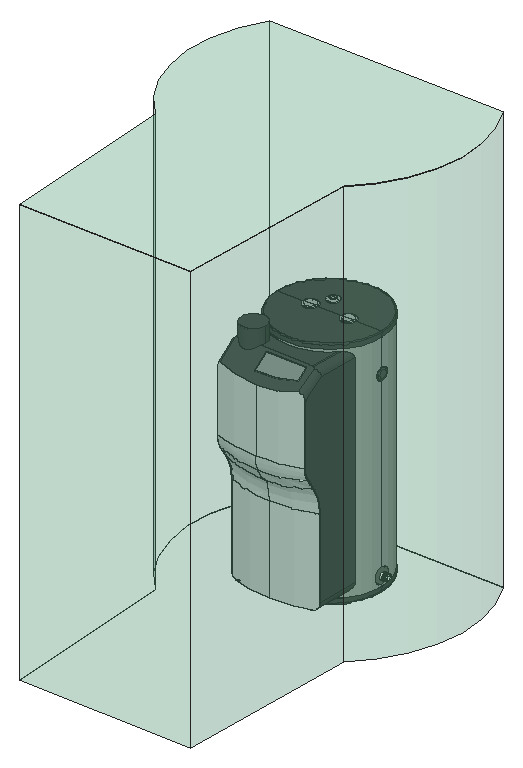
Revit family "Innovo  BENL_IR 12 200 BENL NAT", category Mechanical Equipment, Revit 2015
Parameters (values of type "IR-12-200 BENL NAT")
  Werkruimte Radius = Diameter + 170 mm  # 730 mm
  Werkruimte Hoogte = Hoogte + 1000 mm  # 2270 mm
  Werkruimte Afstand Voor = 1000 mm
  Werkruimte [instance] = yes
  Voorzorgsmaatregelen tijdens montage, installatie of onderhoud = "zie Gebruikers, Installatie, Service en Onderhouds handleiding"  # constant formula
  Voltage = 230 V  # constant formula
  Verpakkingslengte = 946 mm  # constant formula
  Verpakkingshoogte = 1465 mm
  Verpakkingsbreedte = 786 mm  # constant formula
  Uitsluitend werkend in daluren = no
  Uitschakeldruk LDS < = "115"
  Type aanduiding = "IR-20-160"
  Transportgewicht = 114 kg
  Totaal Gewicht = 274 kg
  Stilstandsverlies - dagelijks (24u) = 0 W
  Stilstandsverlies = 0 W
  Standaard Afgesteld op = "G20/G25"
  Stand Regelthermostaat = 65 °C  # constant formula
  Soort Verpakking = "Karton en Hout"  # constant formula
  Slimme controlefunctie = no
  Setpoint thermostaat = 65 °C  # constant formula
  Seizoens Rendement (Hs) = [Rendement (Hs, vlgs. NEN-EN 89 - 1999)]  # 95
  Rendement (Hs, vlgs. NEN-EN 89 - 1999) = 95
  Rendement (Hi, vlgs. NEN-EN 89 - 1999) = 106
  Produktspecificaties Link = ""
  Produkthandleiding Link = ""
  Produkt Model Nummer (EAN-nummer) = "8717449286019"
  Onderhoudsinterval = "12 maanden"  # constant formula
  Nominale Belasting (Onderwaarde) = "18000.0/14900.0"
  Nominale Belasting (Bovenwaarde) = "20000.0/16600.0"
  Nominaal Vermogen = "19100.0/15800.0"
  NOx-uitstoot mg/kWh = "30.0/29.0"
  NOx-uitstoot (lucht vrij, 0% O2) ppm = "19.0/18.0"
  Min. Stand Regelthermostaat = 40 °C  # constant formula
  Max. Werkdruk = 800000.0 Pa
  Max. Stand Regelthermostaat = 85 °C  # constant formula
  Max. Rookgastemperatuur = 61 °C
  Ledig Gewicht = 95 kg
  Kraan Hoogte 02 = if(and(Hoogte = 1745 mm, Diameter = 675 mm), 1518 mm, if(and(Hoogte = 1745 mm, Diameter = 610 mm), 1534 mm, if(Hoogte = 1545 mm, 1328 mm, 1070 mm)))  # 1070 mm
  Kraan Hoogte 01 = if(and(Diameter > 560 mm), 693 mm, 604 mm)  # 604 mm
  URL = "www.aosmith.be"
  Tapcapaciteit bij ΔT = 70°C  na 90 min. = 410.0 L
  Tapcapaciteit bij ΔT = 70°C  na 60 min. = 290.0 L
  Tapcapaciteit bij ΔT = 70°C  na 30 min. = 170.0 L
  Tapcapaciteit bij ΔT = 70°C  na 120 min. = 520.0 L
  Tapcapaciteit bij ΔT = 55°C  na 90 min. = 540.0 L
  Tapcapaciteit bij ΔT = 55°C  na 60 min. = 390.0 L
  Tapcapaciteit bij ΔT = 55°C  na 30 min. = 240.0 L
  Tapcapaciteit bij ΔT = 55°C  na 120 min. = 700.0 L
  Tapcapaciteit bij ΔT = 50°C  na 90 min. = 600.0 L
  Tapcapaciteit bij ΔT = 50°C  na 60 min. = 440.0 L
  Tapcapaciteit bij ΔT = 50°C  na 30 min. = 270.0 L
  Tapcapaciteit bij ΔT = 50°C na 120 min. = 770.0 L
  Tapcapaciteit bij ΔT = 44°C na 120 min. = 690.0 L
  Tapcapaciteit bij ΔT = 44°C  na 90 min. = 510.0 L
  Tapcapaciteit bij ΔT = 44°C  na 60 min. = 320.0 L
  Tapcapaciteit bij ΔT = 44°C  na 30 min. = 880.0 L
  Tapcapaciteit bij ΔT = 28°C na 90 min. = 1200.0 L
  Tapcapaciteit bij ΔT = 28°C na 60 min. = 820.0 L
  Tapcapaciteit bij ΔT = 28°C na 30 min. = 530.0 L
  Tapcapaciteit bij ΔT = 28°C na 120 min. = 1500.0 L
  Tapcapaciteit Continu bij ΔT = 70°C = 240.0 L/s
  Tapcapaciteit Continu bij ΔT = 55°C = 300.0 L/s
  Tapcapaciteit Continu bij ΔT = 50°C = 330.0 L/s
  Tapcapaciteit Continu bij ΔT = 44°C = 380.0 L/s
  Tapcapaciteit Continu bij ΔT = 28°C = 590.0 L/s
  Opwarmtijd bij ΔT = 70°C = "27"
  Opwarmtijd bij ΔT = 55°C = "21"
  Opwarmtijd bij ΔT = 50°C = "19"
  Opwarmtijd bij ΔT = 44°C = "17"
  Opwarmtijd bij ΔT = 28°C = "11"
  Model = "IR-20-160 BENL NAT"
  Manufacturer = "A.O. Smith Water Products Company b.v."  # constant formula
  Length = 780 mm  # constant formula
  Jaarlijks elektriciteitsverbruik (2) = "-"
  Jaarlijks elektriciteitsverbruik (1) = "37 kWh"
  Jaarlijks brandstofverbruik (2) = "-"
  Jaarlijks brandstofverbruik (1) = "16 GJ GCV"
  Isolatiedikte = 50 mm
  Installatie Typen = "B23/C13/C33/C43/C53/C63"  # constant formula
  Inhoud = 160.0 L
  Hoogte Warm Water Uitlaat = 1270 mm
  Hoogte Rookgasafvoer = 1295 mm
  Hoogte Lucht Inlaat = 1295 mm
  Hoogte Koud Water Inlaat = 170 mm
  Hoogte Gas Aansluiting = 860 mm
  Hoogte = 1270 mm
  Handelsmerk = "A.O. Smith"  # constant formula
  Geluidsniveau dB (A) = "<45"  # constant formula
  Geluidsniveau binnen = "52 dB"
  Gasverbruik - Volume ltr/hr = "1.90/1.80"
  Gasverbruik - Massa kg/h = "n.v.t."
  Gascategorie = "I2E(S)B"  # constant formula
  Gas Voordruk = "2000/2500 Pa"
  Gas Aansluiting = 15"  # constant formula
  Garrantie op Tank = "36 maanden"  # constant formula
  Garrantie op Onderdelen = "12 maanden"  # constant formula
  Frequentie = 50 Hz  # constant formula
  Fase = 1
  Fabrikantnummer = "E 7110"  # constant formula
  Energie-efficiëntieklasse voor waterverwarming (2) = "-"
  Energie-efficiëntieklasse voor waterverwarming (1) = "A"  # constant formula
  Energie-efficiëntie voor waterverwarming (2) = "-"
  Energie-efficiëntie voor waterverwarming (1) = "92%"
  Elektrisch Vermogen (piek) = 85 W
  Elektrisch Vermogen (nominaal) = 36 W
  Diameter Schoorsteen - parallel systeem = "2x80"  # constant formula
  Diameter Schoorsteen - concentrisch systeem = "80/125 mm/mm"  # constant formula
  Diameter Schoorsteen - boiler = "80/125 mm/mm"  # constant formula
  Diameter = 560 mm
  Description = "Condenserende Hoog Rendementsboiler"  # constant formula
  Created By = "http://www.cadcompany.nl/"
  Capaciteitsprofiel = "XL"
  CO2-uitstoot (tol. +/- 1.0) vol% = "9.3/7.5"
  CE-PIN = "0063CQ3037"  # constant formula
  Breedte = Diameter  # 560 mm
  Bestemming / Land = "BelgIë"  # constant formula
  BIM Content Developer = "CAD & Company"  # constant formula
  Assembly Code = "D3010"
  Ander capaciteitsprofiel = "-"
  Aansluiting Warm Water = 3/4"
  Aansluiting T&P = 3/4"
  Aansluiting Koud Water = 3/4"  # constant formula
  Aansluiting Condensafvoer = 40 mm  # constant formula
  Aansluiting Aftapkraan = 3/4"  # constant formula
  2e Onderhoud (algeheel onderhoud) = "12 maanden na installatie"  # constant formula
  1e Onderhoud (check-up) = "3 maanden na installatie"  # constant formula
Reference planes
  plane 1 "Center (Front/Back)": y = 0
  plane 2: z = 0
  plane 3 "Center (Left/Right)": x = 0
  plane 4 "Pipe": through (-383.901, 912.349, 194.799) normal (-0.0879, -0.0879, 0.9923)
  plane 5 "footing": y = 118.925
  plane 6 "footing front": y = -237.85
  plane 7: x = -280
  plane 8: x = 280
  plane 9: z = 1270
Forms (mm)
  Revolve 1, solid, material "RAL 9005", detail levels medium+fine
    sketch origin (0, -237.85, 0) x (-1, 0, 0) y (0, 0, 1)
      loop
        line (0, 28.9) -> (-15, 28.9) -> (-15, 26.4) -> (-8.671, 26.4) -> (-8.671, 18) -> (-5.686, 18) -> (-6.626, 17.06) -> (-6.626, 12.06) -> (-8.671, 12.06) -> (-8.671, 10) -> (-10.031, 10) -> (-23.271, 5.181)
        arc (-23.271, 5.181) -> (-23.763, 4.836) -> (-24.017, 4.293) r 1.159
        line (-24.017, 4.293) -> (-24.017, 1.03)
        arc (-24.017, 1.03) -> (-23.715, 0.302) -> (-22.986, 0) r 1.03
        line (-22.986, 0) -> (0, 0) -> (0, 28.9)
      axis (0, 28.9) -> (0, 0)
    angle from 0 to 360
  Revolve 2, solid, material "RAL 9005", detail levels medium+fine
    sketch origin (0, 118.925, 0) x (-1, 0, 0) y (0, 0, 1)
      loop
        line (-180.984, 28.9) -> (-195.984, 28.9) -> (-195.984, 26.4) -> (-189.655, 26.4) -> (-189.655, 18) -> (-186.67, 18) -> (-187.61, 17.06) -> (-187.61, 12.06) -> (-189.655, 12.06) -> (-189.655, 10) -> (-191.015, 10) -> (-204.256, 5.181)
        arc (-204.256, 5.181) -> (-204.747, 4.836) -> (-205.001, 4.293) r 1.159
        line (-205.001, 4.293) -> (-205.001, 1.03)
        arc (-205.001, 1.03) -> (-204.699, 0.302) -> (-203.971, 0) r 1.03
        line (-203.971, 0) -> (-180.984, 0) -> (-180.984, 28.9)
      axis (-180.984, 28.9) -> (-180.984, 0)
    angle from 0 to 360
  Revolve 3, solid, material "RAL 9005", detail levels medium+fine
    sketch origin (0, 118.925, 0) x (-1, 0, 0) y (0, 0, 1)
      loop
        line (179.016, 28.9) -> (164.016, 28.9) -> (164.016, 26.4) -> (170.345, 26.4) -> (170.345, 18) -> (173.33, 18) -> (172.39, 17.06) -> (172.39, 12.06) -> (170.345, 12.06) -> (170.345, 10) -> (168.985, 10) -> (155.744, 5.181)
        arc (155.744, 5.181) -> (155.253, 4.836) -> (154.999, 4.293) r 1.159
        line (154.999, 4.293) -> (154.999, 1.03)
        arc (154.999, 1.03) -> (155.301, 0.302) -> (156.029, 0) r 1.03
        line (156.029, 0) -> (179.016, 0) -> (179.016, 28.9)
      axis (179.016, 28.9) -> (179.016, 0)
    angle from 0 to 360
Lines and regions (mm)
  symbolic lines
    curve 1: line (0, 280.06, 0) -> (0, -280.06, 0)
    curve 2: line (-255.06, 0, 0) -> (255.06, 0, 0)
  symbolic lines, style "Workspace"
    curve 3: line (623.261, 380.06, 0) -> (-623.261, 380.06, 0)
    curve 4: arc (-623.261, 380.06, 0) -> (-726.942, -66.745, 0) -> (-543.632, -487.2, 0) r 730
    curve 5: line (-543.632, -487.2, 0) -> (-396.783, -1492.825, 0)
    curve 6: line (-396.783, -1492.825, 0) -> (399.03, -1492.825, 0)
    curve 7: line (399.03, -1492.825, 0) -> (545.76, -484.816, 0)
    curve 8: arc (545.76, -484.816, 0) -> (727.087, -65.154, 0) -> (623.261, 380.06, 0) r 730
Dimensions and locks
  plane 5 "footing" to plane 1 "Center (Front/Back)" = 118.925 mm
  plane 1 "Center (Front/Back)" to plane 6 "footing front" = 237.85 mm
  "Diameter": plane 7 to plane 8
  equal spacing: plane 7, plane 3 "Center (Left/Right)", plane 8
  "Hoogte": plane 9 to plane 2
  "Werkruimte Afstand Voor": curve 6 to nested 3
  "Werkruimte Radius": radius of curve 4
  "Werkruimte Radius": radius of curve 8
  aligned and locked: level to plane 2
  aligned and locked: nested 3 to Revolve 1 sketch curve
  aligned and locked: plane 3 "Center (Left/Right)" to Revolve 1 sketch curve
  aligned and locked: nested 3 to plane 1 "Center (Front/Back)"
  aligned and locked: plane 3 "Center (Left/Right)" to nested 3
  aligned and locked: nested 1 to plane 8
  aligned and locked: nested 5 to plane 8
  aligned and locked: nested 2 to plane 7
  aligned and locked: nested 4 to plane 7
  aligned and locked: nested 7 to plane 7
  aligned and locked: nested 8 to plane 3 "Center (Left/Right)"
  aligned and locked: nested 8 to nested 3
  aligned and locked: curve 3 to nested 8
Automatic sketch dimensions
  Revolve 1 sketch curve to level = 0 mm
  plane 3 "Center (Left/Right)" to Revolve 1 sketch curve = 5.686 mm
  Revolve 1 sketch curve to Revolve 1 sketch curve = 0.94 mm  (x2)
  Revolve 1 sketch curve to Revolve 1 sketch curve = 2.046 mm  (x2)
  Revolve 1 sketch curve to Revolve 1 sketch curve = 1.359 mm
  Revolve 1 sketch curve to Revolve 1 sketch curve = 6.329 mm
  level to Revolve 1 sketch curve = 4.091 mm
  Revolve 1 sketch curve to Revolve 1 sketch curve = 12.844 mm
  level to Revolve 1 sketch curve = 1.03 mm
  Revolve 1 sketch curve to Revolve 1 sketch curve = 0.111 mm
  level to Revolve 1 sketch curve = 5.181 mm
  Revolve 1 sketch curve to Revolve 1 sketch curve = 0.745 mm
  level to Revolve 1 sketch curve = 10 mm
  Revolve 1 sketch curve to Revolve 1 sketch curve = 2.06 mm
  Revolve 1 sketch curve to Revolve 1 sketch curve = 5 mm
  Revolve 1 sketch curve to Revolve 1 sketch curve = 8.4 mm
  Revolve 1 sketch curve to Revolve 1 sketch curve = 2.5 mm
  Revolve 1 sketch curve to level = 19.635 mm
  Revolve 1 sketch curve to Revolve 1 sketch curve = 46.465 mm
  Revolve 2 sketch curve to level = 0 mm
  level to Revolve 2 sketch curve = 1.03 mm
  Revolve 2 sketch curve to plane 8 = 74.999 mm
  level to Revolve 2 sketch curve = 5.181 mm
  Revolve 2 sketch curve to Revolve 2 sketch curve = 0.745 mm
  Revolve 2 sketch curve to Revolve 2 sketch curve = 0.397 mm
  Revolve 2 sketch curve to Revolve 2 sketch curve = 8.271 mm
  Revolve 2 sketch curve to Revolve 2 sketch curve = 13.241 mm
  Revolve 2 sketch curve to Revolve 2 sketch curve = 1.359 mm
  Revolve 2 sketch curve to Revolve 2 sketch curve = 6.329 mm
  Revolve 2 sketch curve to Revolve 2 sketch curve = 2.046 mm
  level to Revolve 2 sketch curve = 18 mm
  Revolve 2 sketch curve to Revolve 2 sketch curve = 0.94 mm  (x2)
  Revolve 2 sketch curve to Revolve 2 sketch curve = 8.671 mm
  Revolve 2 sketch curve to Revolve 2 sketch curve = 1.089 mm
  Revolve 2 sketch curve to Revolve 2 sketch curve = 8 mm
  Revolve 2 sketch curve to Revolve 2 sketch curve = 2.06 mm
  Revolve 2 sketch curve to Revolve 2 sketch curve = 8.4 mm
  Revolve 2 sketch curve to Revolve 2 sketch curve = 2.5 mm
  Revolve 2 sketch curve to Revolve 2 sketch curve = 0 mm
  Revolve 2 sketch curve to level = 19.635 mm
  Revolve 2 sketch curve to Revolve 2 sketch curve = 46.465 mm
  Revolve 3 sketch curve to level = 0 mm
  level to Revolve 3 sketch curve = 1.03 mm
  Revolve 3 sketch curve to plane 7 = 125.001 mm
  level to Revolve 3 sketch curve = 5.181 mm
  Revolve 3 sketch curve to Revolve 3 sketch curve = 0.745 mm
  Revolve 3 sketch curve to Revolve 3 sketch curve = 0.397 mm
  Revolve 3 sketch curve to Revolve 3 sketch curve = 8.271 mm
  Revolve 3 sketch curve to Revolve 3 sketch curve = 13.241 mm
  Revolve 3 sketch curve to Revolve 3 sketch curve = 1.359 mm
  Revolve 3 sketch curve to Revolve 3 sketch curve = 6.329 mm
  Revolve 3 sketch curve to Revolve 3 sketch curve = 2.046 mm
  level to Revolve 3 sketch curve = 18 mm
  Revolve 3 sketch curve to Revolve 3 sketch curve = 0.94 mm  (x2)
  Revolve 3 sketch curve to Revolve 3 sketch curve = 8.671 mm
  Revolve 3 sketch curve to Revolve 3 sketch curve = 1.089 mm
  Revolve 3 sketch curve to Revolve 3 sketch curve = 8 mm
  Revolve 3 sketch curve to Revolve 3 sketch curve = 2.06 mm
  Revolve 3 sketch curve to Revolve 3 sketch curve = 8.4 mm
  Revolve 3 sketch curve to Revolve 3 sketch curve = 2.5 mm
  Revolve 3 sketch curve to Revolve 3 sketch curve = 0 mm
  Revolve 3 sketch curve to level = 19.635 mm
  Revolve 3 sketch curve to Revolve 3 sketch curve = 46.465 mm
  curve 4 to curve 8 = 0 mm  (x2)
  plane 1 "Center (Front/Back)" to curve 2 = 0 mm
  curve 1 to plane 3 "Center (Left/Right)" = 0 mm
  plane 1 "Center (Front/Back)" to curve 4 = 0 mm
  curve 4 to plane 3 "Center (Left/Right)" = 0 mm
  curve 5 to plane 6 "footing front" = 249.35 mm
  plane 7 to curve 5 = 116.783 mm
  plane 8 to curve 7 = 119.03 mm
  curve 7 to plane 6 "footing front" = 246.966 mm
  curve 2 to plane 7 = 24.94 mm
  curve 2 to plane 8 = 24.94 mm
  curve 1 to plane 6 "footing front" = 42.21 mm
  plane 5 "footing" to curve 1 = 161.135 mm
Nested families
  nested 1: "Valve" at (280, -0.38, 1070) x (0, 1, 0) z (0, 0, 1), built-in parameter 1001364 <- "Kraan Hoogte 02", type "Valve"
  nested 2: "Drain Valve" at (-280, 0, 1070), built-in parameter 1001364 <- "Kraan Hoogte 02", type "Drain Valve"
  nested 3: "Housing Mother Housing S 57 (external)" at (0, -274.886, 0), type "Housing Mother_Housing S_57"
  nested 4: "Drain Valve" at (-280, 0, 177), type "Drain Valve"
  nested 5: "Drain Valve" at (280, 0, 107) x (-1, 0, 0) z (0, 0, 1), type "Drain Valve"
  nested 6: "Boiler" at (0, 0, 0), height <- "Hoogte", type "Boiler"
    with height 1270 mm
  nested 7: "Drain Valve" at (-280, 0, 604), built-in parameter 1001364 <- "Kraan Hoogte 01", type "Drain Valve"
  nested 8: "Innovo_workspace" at (0, 0, 0), Workspace <- "Werkruimte", Workspace Distance Front <- "Werkruimte Afstand Voor", Workspace Height <- "Werkruimte Hoogte", Workspace Radius <- "Werkruimte Radius", type "Workspace"
    with Workspace Radius 730 mm, Workspace Height 2270 mm, Workspace Distance Front 1000 mm, Workspace yes, Center to Front 492.825 mm
Connectors
  piping at (314.826, 0, 107), diameter 19.05, driven by "Aansluiting Aftapkraan"
    settings: on nested 5, index 1, connector inside diameter 24", connector length 0 mm, flow factor 0, pipe flow 0.0 L/s, pressure drop 0.0 Pa, fitting loss kfactor 0, connector angle 0.00°, fixture units 0, engagement length 0 mm, angle of deflection 0.00°, flow configuration 0, flow direction 0, fitting loss method 0, system type 19, joint type 0, gender type 0, connector reference index -1, connector utility 0, adjustable connector no, is connector primary yes, connector description ""
  hvac at (-147.013, -321.326, 1310.674)
    settings: on nested 3, index 2, duct flow 0.0 L/s, flow factor 0, pres drop 0.0 Pa, loss coef 0, conn angle 0.00°, conn width 304.8 mm, conn height 304.8 mm, conn diameter 125 mm, duct sys type 4, conn prof type 0, flow config 0, flow direction 0, loss method 0, conn ref index -1, conn util no, is conn primary yes, conn desc ""
Definition of nested family "Valve"
  Parameters (values of type "Valve")
    Type Comments = "T&P valve (internal)"
    Manufacturer = "A.O. Smith"
  Reference planes
    plane 1 "Center (Front/Back)": y = 0
    plane 2: z = 0
    plane 3 "Center (Left/Right)": x = 0
  Forms (mm)
    Extrusion 1, solid, detail levels fine
      sketch origin (0, 0, 0) x (1, 0, 0) y (0, 0, 1)
        loop
          circle (0, 0) r 31.5
      from -2.271 to 1.4
    Sweep 2, solid, detail levels fine
      path origin (0, -1.4, 0) x (1, 0, 0) y (0, 0, 1)
        loop
          circle (0, 0) r 31.5
      profile origin (0, -1.4, 31.5) x (0, 0, -1) y (0, -1, 0)
        loop
          line (7.3, 0) -> (7.3, 3) -> (0, 0) -> (7.3, 0)
  Dimensions and locks
    aligned and locked: level to plane 2
Definition of nested family "Drain Valve"
  Reference planes
    plane 1 "Center (Front/Back)": y = 0
    plane 2: z = 0
    plane 3 "Center (Left/Right)": x = 0
  Forms (mm)
    Revolve 1, solid, detail levels medium+fine
      sketch origin (0, 0, 0) x (1, 0, 0) y (0, 0, 1)
        loop
          line (-33.442, 15.696) -> (-34.826, 14.329) -> (-34.93, 12.731) -> (-16.555, 12.731) -> (-16.555, 0) -> (15.787, 0) -> (15.787, 18.3) -> (-14.4, 18.3) -> (-17.148, 15.533) -> (-18.729, 16.697) -> (-20.091, 15.333) -> (-21.672, 16.496) -> (-23.034, 15.133) -> (-24.614, 16.296) -> (-25.976, 14.932) -> (-27.557, 16.096) -> (-28.919, 14.732) -> (-30.5, 15.896) -> (-31.862, 14.532) -> (-33.442, 15.696)
        axis (-34.93, 0) -> (15.787, 0)
      angle from 0 to 360
  Dimensions and locks
    aligned and locked: level to plane 2
  Nested families
    nested 1: "Rubber sealing" at (2.592, -0.155, 0) x (0.0023, -1, 0) z (0, 0, 1), type "Rubber sealing", detail levels fine
  Definition of nested family "Rubber sealing"
    Reference planes
      plane 1 "Center (Front/Back)": y = 0
      plane 2: z = 0
      plane 3 "Center (Left/Right)": x = 0
    Forms (mm)
      Extrusion 1, solid, detail levels fine
        sketch origin (141.861, 319.581, 0) x (1, 0, 0) y (0, 1, 0)
          loop
            line (-216.354, -311.898) -> (-216.354, -313.94)
            arc (-216.354, -313.94) -> (-141.602, -321.581) -> (-66.861, -313.835) r 366.966
            line (-66.861, -313.835) -> (-66.861, -311.791)
            arc (-66.861, -311.791) -> (-141.602, -319.581) -> (-216.354, -311.898) r 364.966
        from -80 to 80
      Extrusion 2, void
        sketch origin (141.861, 319.581, 0) x (1, 0, 0) y (0, 0, 1)
          loop
            circle (-141.861, 0) r 13
          loop
            circle (-141.861, 0) r 110
          loop
            circle (-141.861, 0) r 40
        from 311.563 to 332.684
      Extrusion 3, void
        sketch origin (141.861, 319.581, 0) x (1, 0, 0) y (0, 0, 1)
          loop
            circle (-141.861, 0) r 18.25
        from 315.524 to 326.084
    Cuts and joins
      Extrusion 2, Extrusion 3 cuts Extrusion 1
    Dimensions and locks
      aligned and locked: level to plane 2
Definition of nested family "Housing Mother Housing S 57 (external)"
  Parameters (values of type "Housing Mother_Housing S_57")
    radius [instance] = 280 mm
    distance to boiler center = if(diameter = 675 mm, 189 mm, if(diameter = 610 mm, 154 mm, 129 mm))  # 129 mm
    diameter = 560 mm
  Reference planes
    plane 1 "Center (Front/Back)": y = 0
    plane 2: z = 0
    plane 3 "Center (Left/Right)": x = 0
    plane 4 "left": through (-245.286, 145.886, 1200) normal (0.9994, 0.0349, 0)
    plane 5: y = -217.939
    plane 6: y = 145.886
    plane 7: z = 1232.6
    plane 8: z = 65.89
    plane 9 "right": through (245.286, 145.886, 1200) normal (0.9994, -0.0349, 0)
    plane 10 "display": through (0, -90.37, 1221.196) normal (0, -0.5736, 0.8192)
    plane 11 "Potentiostat": z = 867.899
    plane 12 "boiler center": y = 274.886
    plane 13: x = -280
    plane 14: x = 280
  Forms (mm)
    Extrusion 1, solid
      sketch origin (0, 0, 0) x (1, 0, 0) y (0, 1, 0)
        loop
          line (-245.286, 145.886) -> (-232.581, -217.939) -> (232.581, -217.939) -> (245.286, 145.886)
          arc (245.286, 145.886) -> (0, 0.923) -> (-245.286, 145.886) r 280
      from 0 to 1232.6
    Sweep 2, void
      path origin (0, 0, 0) x (0, 1, 0) y (0, 0, 1)
        loop
          line (-217.939, 1232.6) -> (-217.939, 795.555)
          arc (-217.939, 795.555) -> (-212.387, 754.285) -> (-197.694, 715.322) r 183.924
          arc (-197.694, 715.322) -> (-179.915, 684.628) -> (-159.106, 655.901) r 348.284
          arc (-159.106, 655.901) -> (-131.411, 600.328) -> (-121.88, 538.973) r 202.254
          line (-121.88, 538.973) -> (-121.88, 61.106)
      profile origin (0, -217.939, 1014.077) x (1, 0, 0) y (0, 1, 0)
        loop
          arc (0, 0) -> (-117.533, 9.941) -> (-231.728, 39.475) r 699.984
          arc (-231.728, 39.475) -> (-233.391, 40.705) -> (-234.07, 42.659) r 3.505
          line (-234.07, 42.659) -> (-254.062, 42.659) -> (-254.062, -142.593) -> (254.07, -142.593) -> (254.07, 42.659) -> (234.07, 42.659)
          arc (234.07, 42.659) -> (233.391, 40.705) -> (231.728, 39.475) r 3.505
          arc (231.728, 39.475) -> (117.533, 9.941) -> (0, 0) r 699.984
    Extrusion 3, void
      sketch origin (0, 0, 0) x (0, 1, 0) y (0, 0, 1)
        loop
          arc (102.864, 70.869) -> (99.804, 70.709) -> (96.874, 69.813) r 12.57
          arc (96.874, 69.813) -> (87.878, 66.533) -> (78.516, 64.529) r 69.114
          arc (78.516, 64.529) -> (76.41, 64.284) -> (74.294, 64.148) r 41.206
          arc (74.294, 64.148) -> (65.203, 64.335) -> (56.122, 64.782) r 318.661
          arc (56.122, 64.782) -> (30.585, 66.179) -> (5.028, 67.128) r 1456.581
          line (5.028, 67.128) -> (-84.534, 73.135)
          arc (-84.534, 73.135) -> (-86.363, 73.808) -> (-87.536, 75.365) r 3.455
          line (-87.536, 75.365) -> (-264.473, 75.365) -> (-264.473, 0) -> (160.886, 0) -> (160.886, 103.945) -> (145.886, 103.945)
          arc (145.886, 103.945) -> (145.104, 97.827) -> (142.923, 92.059) r 26.364
          arc (142.923, 92.059) -> (141.067, 88.936) -> (138.867, 86.045) r 31.715
          arc (138.867, 86.045) -> (135.576, 82.49) -> (132.021, 79.2) r 62.615
          arc (132.021, 79.2) -> (125.841, 74.697) -> (119.091, 71.103) r 54.444
          arc (119.091, 71.103) -> (116.371, 70.272) -> (113.531, 70.123) r 11.669
          line (113.531, 70.123) -> (102.864, 70.869)
      from -254.062 to 254.07
    Sweep 4, void
      path origin (0, 0, 0) x (1, 0, 0) y (0, 1, 0)
        loop
          line (-245.286, 145.886) -> (-232.581, -217.939)
      profile origin (-238.933, -36.027, 0) x (0.999391, 0.034899, 0) y (0, 0, 1)
        loop
          line (-4.454, 0) -> (47.084, 0) -> (47.084, 73.431)
          arc (47.084, 73.431) -> (14.222, 85.134) -> (0.255, 117.1) r 43.922
          line (0.255, 117.1) -> (-4.454, 117.1) -> (-4.454, 0)
    Sweep 5, void
      path origin (0, 0, 0) x (-1, 0, 0) y (0, 1, 0)
        loop
          line (-245.286, 145.886) -> (-232.581, -217.939)
      profile origin (238.933, -36.027, 0) x (0.999391, -0.034899, 0) y (0, 0, 1)
        loop
          line (4.454, 0) -> (4.454, 117.1) -> (-0.255, 117.1)
          arc (-0.255, 117.1) -> (-14.222, 85.134) -> (-47.084, 73.431) r 43.922
          line (-47.084, 73.431) -> (-47.084, 0) -> (4.454, 0)
    Sweep 6, void
      path origin (-239.899, -8.377, 0) x (-0.034899, 0.999391, 0) y (0, 0, 1)
        loop
          line (-209.69, 1141.272) -> (-79.18, 1232.6) -> (154.358, 1232.6)
      profile origin (-241.211, 29.188, 1232.6) x (0, 0, 1) y (0.999391, 0.034899, 0)
        loop
          line (-45, -30) -> (75, -30) -> (75, 0) -> (75, 55) -> (2.799, 55) -> (-1.253, 35.128)
          arc (-1.253, 35.128) -> (-16.771, 9.564) -> (-45, -0.308) r 44.287
          line (-45, -0.308) -> (-45, -30)
    Sweep 7, void
      path origin (239.899, -8.377, 0) x (0.034899, 0.999391, 0) y (0, 0, 1)
        loop
          line (-209.69, 1141.272) -> (-79.18, 1232.6) -> (154.358, 1232.6)
      profile origin (241.211, 29.188, 1232.6) x (0, 0, -1) y (-0.999391, 0.034899, 0)
        loop
          line (-75, -25) -> (45, -25) -> (45, -0.308)
          arc (45, -0.308) -> (16.771, 9.564) -> (1.253, 35.128) r 44.287
          line (1.253, 35.128) -> (-2.799, 55) -> (-75, 55) -> (-75, -25)
    Extrusion 8, void
      sketch origin (0, 0, 0) x (0, 1, 0) y (0, 0, 1)
        loop
          line (-270, 1336.099) -> (-270, 1099.081) -> (68.497, 1336.099) -> (-270, 1336.099)
      from -425.038 to 444.42
    Extrusion 9, solid, detail levels medium+fine
      sketch origin (0, 0, 0) x (1, 0, 0) y (0, 1, 0)
        loop
          circle (-147.013, -46.44) r 65
      from 1163.174 to 1310.674
    Extrusion 10, void
      sketch origin (0, -603.506, 861.895) x (0, 0.819152, 0.573576) y (-1, 0, 0)
        loop
          arc (618.322, -173) -> (623.272, -170.95) -> (625.322, -166) r 7
          line (625.322, -166) -> (625.322, 35)
          arc (625.322, 35) -> (623.272, 39.95) -> (618.322, 42) r 7
          line (618.322, 42) -> (535.473, 42)
          arc (535.473, 42) -> (530.688, 40.11) -> (528.488, 35.46) r 7
          arc (528.488, 35.46) -> (531.569, -67.592) -> (554.18, -168.18) r 540
          arc (554.18, -168.18) -> (556.724, -171.668) -> (560.831, -173) r 7
          line (560.831, -173) -> (618.322, -173)
      from 0 to 137.286
    Sweep 11, solid, detail levels fine
      path origin (0, 0, 867.899) x (-1, 0, 0) y (0, -1, 0)
        loop
          line (309.749, -35.617) -> (204.371, -35.617)
          arc (204.371, -35.617) -> (196.509, -34.687) -> (189.082, -31.947) r 33.677
          line (189.082, -31.947) -> (-9.574, 69.274)
      profile origin (-257.06, 35.617, 867.899) x (0, 1, 0) y (0, 0, 1)
        loop
          circle (0, 0) r 7.316
        loop
          circle (0, 0) r 6.465
    Revolve 12, void
      sketch origin (0, 274.886, 0) x (-1, 0, 0) y (0, 0, 1)
        loop
          line (280, 1243.838) -> (0, 1243.838) -> (0, 54.9) -> (280, 54.9) -> (280, 1243.838)
        axis (0, 1243.838) -> (0, 54.9)
      angle from 0 to 360
  Cuts and joins
    Sweep 2, Extrusion 3, Sweep 4, Sweep 5, Sweep 6, Sweep 7, Extrusion 8, Extrusion 10, Revolve 12 cuts Extrusion 1
  Dimensions and locks
    plane 8 to plane 2 = 65.89 mm
    plane 7 to plane 8 = 1166.71 mm
    "distance to boiler center": plane 12 "boiler center" to plane 6
    "diameter": plane 14 to plane 13
    equal spacing: plane 14, plane 3 "Center (Left/Right)", plane 13
    "radius": plane 3 "Center (Left/Right)" to plane 13
    aligned and locked: level to plane 2
    aligned and locked: Extrusion 1 to plane 7
    aligned and locked: Extrusion 1 sketch curve to plane 5
    aligned and locked: Sweep 2 to Extrusion 3
    aligned and locked: Extrusion 3 to Sweep 2  (x2)
    aligned and locked: plane 7 to Sweep 2 sketch curve
    aligned and locked: plane 3 "Center (Left/Right)" to Revolve 12 sketch curve
    aligned and locked: Revolve 12 sketch curve to plane 3 "Center (Left/Right)"
    aligned and locked: plane 13 to Revolve 12 sketch curve
  Automatic sketch dimensions
    Extrusion 1 sketch curve to plane 4 "left" = 0 mm  (x2)
    Extrusion 1 sketch curve to plane 6 = 0 mm  (x2)
    Extrusion 1 sketch curve to plane 3 "Center (Left/Right)" = 0 mm
    Extrusion 1 sketch curve to plane 9 "right" = 0 mm
    plane 6 to Extrusion 1 sketch curve = 135.037 mm
    Sweep 2 sketch curve to plane 5 = 0 mm
    plane 5 to Sweep 2 sketch curve = 106.195 mm
    Sweep 2 sketch curve to plane 5 = 96.059 mm
    plane 1 "Center (Front/Back)" to Sweep 2 sketch curve = 34.053 mm
    plane 11 "Potentiostat" to Sweep 2 sketch curve = 6.417 mm
    Sweep 2 sketch curve to plane 6 = 33.705 mm
    Sweep 2 sketch curve to plane 11 "Potentiostat" = 68.615 mm
    Sweep 2 sketch curve to plane 11 "Potentiostat" = 72.345 mm
    Sweep 2 sketch curve to Sweep 2 sketch curve = 176.349 mm
    Sweep 2 sketch curve to Sweep 2 sketch curve = 0 mm  (x2)
    plane 8 to Sweep 2 sketch curve = 4.784 mm
    Extrusion 3 sketch curve to level = 0 mm
    Extrusion 3 sketch curve to plane 6 = 0 mm
    Extrusion 3 sketch curve to plane 6 = 26.363 mm
    Extrusion 3 sketch curve to Extrusion 3 sketch curve = 4.75 mm
    Extrusion 3 sketch curve to Extrusion 3 sketch curve = 5.179 mm
    Extrusion 3 sketch curve to plane 8 = 4.232 mm
    Extrusion 3 sketch curve to Extrusion 3 sketch curve = 0.814 mm
    Extrusion 3 sketch curve to plane 8 = 4.978 mm
    Extrusion 3 sketch curve to Extrusion 3 sketch curve = 10.667 mm
    Extrusion 3 sketch curve to Extrusion 3 sketch curve = 0.877 mm
    Extrusion 3 sketch curve to Extrusion 3 sketch curve = 17.827 mm
    Extrusion 3 sketch curve to Extrusion 3 sketch curve = 5.646 mm
    Extrusion 3 sketch curve to plane 6 = 69.562 mm
    Extrusion 3 sketch curve to Extrusion 3 sketch curve = 18.6 mm
    Extrusion 3 sketch curve to Extrusion 3 sketch curve = 22.538 mm
    Extrusion 3 sketch curve to plane 8 = 1.238 mm
    Extrusion 3 sketch curve to plane 1 "Center (Front/Back)" = 5.028 mm
    plane 1 "Center (Front/Back)" to Extrusion 3 sketch curve = 36.224 mm
    Extrusion 3 sketch curve to plane 8 = 10.692 mm
    plane 1 "Center (Front/Back)" to Extrusion 3 sketch curve = 84.302 mm
    Extrusion 3 sketch curve to plane 8 = 7.244 mm
    Extrusion 3 sketch curve to Extrusion 3 sketch curve = 0.231 mm
    Extrusion 3 sketch curve to Extrusion 3 sketch curve = 3.234 mm
    plane 5 to Extrusion 3 sketch curve = 46.534 mm
    plane 6 to Extrusion 3 sketch curve = 15 mm
    Extrusion 3 sketch curve to level = 1388.869 mm
    plane 8 to Extrusion 3 sketch curve = 7.561 mm
    Extrusion 3 sketch curve to Extrusion 3 sketch curve = 11.64 mm
    Extrusion 3 sketch curve to plane 8 = 38.054 mm
    Extrusion 3 sketch curve to Extrusion 3 sketch curve = 22.442 mm
    Extrusion 3 sketch curve to plane 8 = 39.432 mm
    Extrusion 3 sketch curve to Extrusion 3 sketch curve = 2.466 mm
    Extrusion 3 sketch curve to Extrusion 3 sketch curve = 14.17 mm
    Extrusion 3 sketch curve to Extrusion 3 sketch curve = 5.925 mm
    Extrusion 3 sketch curve to Extrusion 3 sketch curve = 6.186 mm
    Extrusion 3 sketch curve to Extrusion 3 sketch curve = 249.85 mm
    Extrusion 3 sketch curve to Extrusion 3 sketch curve = 0 mm  (x4)
    Extrusion 3 sketch curve to Extrusion 3 sketch curve = 6.845 mm
    plane 8 to Extrusion 3 sketch curve = 1.743 mm
    Sweep 4 sketch curve to plane 4 "left" = 0 mm  (x2)
    Sweep 4 sketch curve to plane 6 = 0 mm
    plane 5 to Sweep 4 sketch curve = 0 mm
    Sweep 4 sketch curve to level = 0 mm
    profile plane to Sweep 4 sketch curve = 4.454 mm
    Sweep 4 sketch curve to profile plane = 0.255 mm
    Sweep 4 sketch curve to Sweep 4 sketch curve = 43.922 mm
    Sweep 4 sketch curve to profile plane = 47.084 mm
    level to Sweep 4 sketch curve = 73.431 mm
    Sweep 4 sketch curve to Sweep 4 sketch curve = 43.669 mm
    Sweep 5 sketch curve to plane 6 = 0 mm
    Sweep 5 sketch curve to plane 9 "right" = 0 mm  (x2)
    plane 5 to Sweep 5 sketch curve = 0 mm
    Sweep 5 sketch curve to level = 0 mm
    profile plane to Sweep 5 sketch curve = 47.084 mm
    Sweep 5 sketch curve to Sweep 5 sketch curve = 2.907 mm
    profile plane to Sweep 5 sketch curve = 0.255 mm
    Sweep 5 sketch curve to profile plane = 4.454 mm
    level to Sweep 5 sketch curve = 73.431 mm
    Sweep 5 sketch curve to Sweep 5 sketch curve = 43.669 mm
    Sweep 6 sketch curve to plane 7 = 0 mm
    plane 7 to Sweep 6 sketch curve = 91.328 mm
    Sweep 6 sketch curve to Sweep 6 sketch curve = 130.509 mm
    Sweep 6 sketch curve to Sweep 6 sketch curve = 233.538 mm
    Sweep 6 sketch curve to plane 4 "left" = 0 mm
    profile plane to Sweep 6 sketch curve = 45 mm
    Sweep 6 sketch curve to Sweep 6 sketch curve = 0.354 mm
    profile plane to Sweep 6 sketch curve = 1.253 mm
    Sweep 6 sketch curve to profile plane = 2.799 mm
    Sweep 6 sketch curve to Sweep 6 sketch curve = 72.201 mm
    Sweep 6 sketch curve to plane 4 "left" = 0.308 mm
    Sweep 6 sketch curve to Sweep 6 sketch curve = 29.692 mm
    plane 4 "left" to Sweep 6 sketch curve = 35.128 mm
    plane 4 "left" to Sweep 6 sketch curve = 55 mm
    Sweep 7 sketch curve to plane 7 = 0 mm
    Sweep 7 sketch curve to plane 7 = 91.328 mm
    Sweep 7 sketch curve to Sweep 7 sketch curve = 130.509 mm
    Sweep 7 sketch curve to Sweep 7 sketch curve = 233.538 mm
    Sweep 7 sketch curve to plane 9 "right" = 25 mm
    profile plane to Sweep 7 sketch curve = 75 mm
    profile plane to Sweep 7 sketch curve = 2.799 mm
    Sweep 7 sketch curve to profile plane = 1.253 mm
    Sweep 7 sketch curve to Sweep 7 sketch curve = 43.393 mm
    Sweep 7 sketch curve to profile plane = 45 mm
    Sweep 7 sketch curve to plane 9 "right" = 0.308 mm
    plane 9 "right" to Sweep 7 sketch curve = 35.128 mm
    Sweep 7 sketch curve to Sweep 7 sketch curve = 19.872 mm
    plane 5 to Extrusion 8 sketch curve = 52.061 mm
    Extrusion 8 sketch curve to plane 1 "Center (Front/Back)" = 68.497 mm
    plane 7 to Extrusion 8 sketch curve = 133.519 mm
    Extrusion 8 sketch curve to plane 7 = 103.499 mm
    plane 1 "Center (Front/Back)" to Extrusion 9 sketch curve = 46.44 mm
    Extrusion 9 sketch curve to plane 3 "Center (Left/Right)" = 147.013 mm
    Extrusion 10 sketch curve to plane 3 "Center (Left/Right)" = 0 mm
    Extrusion 10 sketch curve to plane 3 "Center (Left/Right)" = 35 mm
    Extrusion 10 sketch curve to Extrusion 10 sketch curve = 25.359 mm
    Extrusion 10 sketch curve to Extrusion 10 sketch curve = 57.491 mm
    Extrusion 10 sketch curve to plane 3 "Center (Left/Right)" = 42 mm
    Extrusion 10 sketch curve to Extrusion 10 sketch curve = 82.85 mm
    Extrusion 10 sketch curve to Extrusion 10 sketch curve = 7 mm
    Extrusion 10 sketch curve to Extrusion 10 sketch curve = 442 mm
    plane 3 "Center (Left/Right)" to Extrusion 10 sketch curve = 166 mm
    Extrusion 10 sketch curve to Extrusion 10 sketch curve = 0 mm  (x2)
    Sweep 11 sketch curve to plane 1 "Center (Front/Back)" = 31.947 mm
    Sweep 11 sketch curve to plane 3 "Center (Left/Right)" = 189.082 mm
    Sweep 11 sketch curve to plane 1 "Center (Front/Back)" = 1.94 mm
    Sweep 11 sketch curve to Sweep 11 sketch curve = 15.289 mm
    plane 3 "Center (Left/Right)" to Sweep 11 sketch curve = 9.574 mm
    Sweep 11 sketch curve to Sweep 11 sketch curve = 105.378 mm
    plane 1 "Center (Front/Back)" to Sweep 11 sketch curve = 69.274 mm
    Sweep 11 sketch curve to Sweep 11 sketch curve = 0 mm  (x2)
    Sweep 11 sketch curve to plane 11 "Potentiostat" = 0 mm
    Sweep 11 sketch curve to profile plane = 0 mm
    plane 8 to Revolve 12 sketch curve = 10.99 mm
    Revolve 12 sketch curve to plane 7 = 11.238 mm
    Revolve 12 sketch curve to level = 366.045 mm
    Revolve 12 sketch curve to Revolve 12 sketch curve = 971.917 mm
    Sweep 2 sketch curve to plane 3 "Center (Left/Right)" = 0 mm
    profile plane to Sweep 2 sketch curve = 0 mm
    Sweep 2 sketch curve to plane 3 "Center (Left/Right)" = 0.016 mm
    Sweep 2 sketch curve to profile plane = 42.782 mm  (x2)
    Sweep 2 sketch curve to plane 3 "Center (Left/Right)" = 230.568 mm
    plane 3 "Center (Left/Right)" to Sweep 2 sketch curve = 0.016 mm
    plane 3 "Center (Left/Right)" to Sweep 2 sketch curve = 230.568 mm
    Sweep 2 sketch curve to Sweep 2 sketch curve = 3.502 mm  (x2)
    Sweep 2 sketch curve to Sweep 2 sketch curve = 20 mm
    profile plane to Sweep 2 sketch curve = 142.593 mm
    Sweep 2 sketch curve to Sweep 2 sketch curve = 0.122 mm  (x2)
    Sweep 2 sketch curve to Sweep 2 sketch curve = 657.203 mm
    Sweep 2 sketch curve to Sweep 2 sketch curve = 19.991 mm
    radius of Extrusion 9 sketch curve = 65 mm
    radius of Sweep 11 sketch curve = 7.316 mm
    radius of Sweep 11 sketch curve = 6.465 mm
  Nested families
    nested 1: "display" at (65.5, -130.939, 1192.79) x (-1, 0, 0) z (0, -0.5736, 0.8192), type "display"
  Definition of nested family "display"
    Parameters (values of type "display")
      Default Elevation = 1219.2 mm
    Reference planes
      plane 1 "Center (Front/Back)": y = 0
      plane 2: z = 0
      plane 3 "Center (Left/Right)": x = 0
    Forms (mm)
      Extrusion 1, solid, detail levels medium+fine
        sketch origin (-16.958, 11.842, -343.878) x (1, 0, 0) y (0, 0, -1)
          loop
            line (-233.523, -343.878) -> (-233.523, -346.592) -> (332.686, -346.592) -> (332.686, -343.878) -> (-233.523, -343.878)
        from -228.7 to 150.822
      Extrusion 2, void
        sketch origin (-16.958, 6.842, -343.878) x (1, 0, 0) y (0, 1, 0)
          loop
            line (-233.523, 155.822) -> (-233.523, -223.7) -> (332.686, -223.7) -> (332.686, 155.822) -> (-233.523, 155.822)
          loop
            arc (-90.542, -48.267) -> (-88.492, -53.216) -> (-83.542, -55.267) r 7
            line (-83.542, -55.267) -> (117.458, -55.267)
            arc (117.458, -55.267) -> (122.408, -53.216) -> (124.458, -48.267) r 7
            line (124.458, -48.267) -> (124.458, 34.583)
            arc (124.458, 34.583) -> (122.568, 39.368) -> (117.918, 41.568) r 7
            arc (117.918, 41.568) -> (14.866, 38.487) -> (-85.722, 15.876) r 540
            arc (-85.722, 15.876) -> (-89.21, 13.332) -> (-90.542, 9.224) r 7
            line (-90.542, 9.224) -> (-90.542, -48.267)
        from 328.878 to 363.083
    Cuts and joins
      Extrusion 2 cuts Extrusion 1
    Dimensions and locks
      aligned and locked: level to plane 2
Definition of nested family "Boiler"
  Parameters (values of type "Boiler")
    radius [instance] = 280 mm
    height [instance] = 1270 mm
    Diameter = 560 mm
  Reference planes
    plane 1 "Center (Front/Back)": y = 0
    plane 2: z = 0
    plane 3 "Center (Left/Right)": x = 0
    plane 4: z = 1243.838
    plane 5: z = 1270
    plane 6 "bottom": z = 28.9
    plane 7: z = 54.9
    plane 8 "top controle": y = 88
    plane 9: x = -280
    plane 10: x = 280
  Forms (mm)
    Revolve 1, solid
      sketch origin (0, 0, 0) x (1, 0, 0) y (0, 0, 1)
        loop
          line (0, 54.9) -> (-280, 54.9) -> (-280, 32.9)
          arc (-280, 32.9) -> (-278.828, 30.072) -> (-276, 28.9) r 4
          line (-276, 28.9) -> (0, 28.9) -> (0, 54.9)
        axis (0, 28.9) -> (0, 54.9)
      angle from 0 to 360
    Revolve 2, solid
      sketch origin (1.311, 0, 0) x (1, 0, 0) y (0, 0, 1)
        loop
          line (-278.86, 1243.838) -> (-278.86, 54.9) -> (-1.311, 54.9) -> (-1.311, 1243.838) -> (-278.86, 1243.838)
        axis (-1.311, 1243.838) -> (-1.311, 54.9)
      angle from 0 to 360
    Revolve 3, solid
      sketch origin (-9.205, 0, 377.212) x (-1, 0, 0) y (0, 0, 1)
        loop
          line (-148.904, 892.788) -> (-110.805, 892.788) -> (-110.805, 895.963) -> (-141.883, 895.963) -> (-148.904, 893.62) -> (-148.904, 892.788)
        axis (-110.805, 892.788) -> (-110.805, 895.963)
      angle from 0 to 360
    Revolve 4, solid
      sketch origin (0, 0, 718.065) x (1, 0, 0) y (0, 0, -1)
        loop
          line (0, -525.773) -> (-280, -525.773) -> (-280, -547.935)
          arc (-280, -547.935) -> (-278.828, -550.763) -> (-276, -551.935) r 4
          line (-276, -551.935) -> (0, -551.935) -> (0, -525.773)
        axis (0, -551.935) -> (0, -525.773)
      angle from 0 to 360
    Revolve 5, solid
      sketch origin (0, 88, 0) x (1, 0, 0) y (0, 0, 1)
        loop
          line (-19.051, 1270) -> (-19.051, 1271.074) -> (-32.63, 1275.604) -> (-32.63, 1271.117) -> (-37.266, 1271.117) -> (-38.383, 1270) -> (-19.051, 1270)
        axis (-50.8, 1270) -> (-50.8, 1275.604)
      angle from 0 to 360
    Revolve 6, solid
      sketch origin (-217.12, 0, 372.245) x (-1, 0, 0) y (0, 0, 1)
        loop
          line (-153.622, 897.755) -> (-115.52, 897.755) -> (-115.52, 900.93) -> (-146.626, 900.93) -> (-153.622, 898.596) -> (-153.622, 897.755)
        axis (-115.52, 897.755) -> (-115.52, 900.93)
      angle from 0 to 360
  Dimensions and locks
    "height": plane 5 to plane 2
    plane 6 "bottom" to plane 2 = 28.9 mm
    locked: plane 5 to plane 4 at 26.162
    locked: plane 1 "Center (Front/Back)" to plane 8 "top controle" at 88
    "Diameter": plane 10 to plane 9
    equal spacing: plane 10, plane 3 "Center (Left/Right)", plane 9
    "radius": plane 3 "Center (Left/Right)" to plane 9
    locked: plane 9 to Revolve 2 sketch curve at 2.452
    aligned and locked: level to plane 2
    aligned and locked: Revolve 2 sketch curve to plane 7
    aligned and locked: Revolve 2 sketch curve to plane 4
    aligned and locked: Revolve 1 sketch curve to plane 7
    aligned and locked: plane 6 "bottom" to Revolve 1 sketch curve
    aligned and locked: Revolve 4 sketch curve to plane 3 "Center (Left/Right)"
    aligned and locked: plane 5 to Revolve 4 sketch curve
    aligned and locked: Revolve 4 sketch curve to plane 4
    aligned and locked: plane 9 to Revolve 4 sketch curve
    aligned and locked: Revolve 1 sketch curve to plane 9
    aligned and locked: Revolve 2 sketch curve to plane 3 "Center (Left/Right)"
    aligned and locked: plane 3 "Center (Left/Right)" to Revolve 2 sketch curve
  Automatic sketch dimensions
    Revolve 1 sketch curve to plane 3 "Center (Left/Right)" = 0 mm  (x2)
    Revolve 1 sketch curve to Revolve 1 sketch curve = 4 mm
    Revolve 1 sketch curve to level = 40 mm
    Revolve 1 sketch curve to Revolve 1 sketch curve = 305.1 mm
    Revolve 2 sketch curve to level = 366.045 mm
    Revolve 2 sketch curve to plane 5 = 945.755 mm
    Revolve 3 sketch curve to plane 5 = 0 mm
    Revolve 3 sketch curve to plane 3 "Center (Left/Right)" = 139.699 mm
    plane 5 to Revolve 3 sketch curve = 3.175 mm
    Revolve 3 sketch curve to Revolve 3 sketch curve = 7.022 mm
    Revolve 3 sketch curve to Revolve 3 sketch curve = 31.078 mm
    Revolve 3 sketch curve to Revolve 3 sketch curve = 0.832 mm
    Revolve 3 sketch curve to Revolve 3 sketch curve = 0 mm
    Revolve 3 sketch curve to Revolve 3 sketch curve = 2.338 mm
    Revolve 3 sketch curve to Revolve 3 sketch curve = 4.487 mm
    Revolve 4 sketch curve to plane 3 "Center (Left/Right)" = 0 mm
    Revolve 4 sketch curve to Revolve 4 sketch curve = 4 mm
    Revolve 4 sketch curve to Revolve 4 sketch curve = 68.738 mm
    Revolve 4 sketch curve to Revolve 4 sketch curve = 305.1 mm
    Revolve 6 sketch curve to plane 5 = 0 mm
    plane 3 "Center (Left/Right)" to Revolve 6 sketch curve = 63.497 mm
    plane 5 to Revolve 6 sketch curve = 3.175 mm
    Revolve 6 sketch curve to Revolve 6 sketch curve = 6.997 mm
    Revolve 6 sketch curve to Revolve 6 sketch curve = 31.106 mm
    Revolve 6 sketch curve to Revolve 6 sketch curve = 0.84 mm
    Revolve 6 sketch curve to Revolve 6 sketch curve = 0 mm
    Revolve 6 sketch curve to Revolve 6 sketch curve = 7.216 mm
    Revolve 6 sketch curve to Revolve 6 sketch curve = 0.391 mm
    Revolve 5 sketch curve to Revolve 5 sketch curve = 13.578 mm
    Revolve 5 sketch curve to Revolve 5 sketch curve = 1.074 mm
    Revolve 5 sketch curve to Revolve 5 sketch curve = 12.417 mm
    Revolve 5 sketch curve to Revolve 5 sketch curve = 5.753 mm
    Revolve 5 sketch curve to plane 5 = 1.117 mm
    Revolve 5 sketch curve to Revolve 5 sketch curve = 1.117 mm
    plane 5 to Revolve 5 sketch curve = 4.396 mm
    Revolve 5 sketch curve to plane 5 = 0 mm
    Revolve 5 sketch curve to Revolve 5 sketch curve = 4.487 mm
    Revolve 5 sketch curve to plane 3 "Center (Left/Right)" = 38.383 mm
    Revolve 5 sketch curve to plane 5 = 5.604 mm
Definition of nested family "Innovo_workspace"
  Parameters (values of type "Workspace")
    Workspace Radius [instance] = 730 mm
    Workspace Height [instance] = 2270 mm
    Workspace Distance Front [instance] = 1000 mm
    Workspace [instance] = yes
    URL = "www.aosmith.nl"
    Model = ""
    Manufacturer = "A.O. Smith Water Products Company b.v."  # constant formula
    Description = ""
    Created By = ""
    Center to Front [instance] = 492.825 mm
    BIM Content Developer = "CAD & Company"  # constant formula
    Assembly Code = ""
  Reference planes
    plane 1 "Center (Front/Back)": y = 0
    plane 2: z = 0
    plane 3 "Center (Left/Right)": x = 0
    plane 4 "Pipe": through (-383.901, 912.349, 194.799) normal (-0.0879, -0.0879, 0.9923)
    plane 5 "front": y = -492.825
  Forms (mm)
    Extrusion 1, solid, visible <- "Workspace"
      sketch origin (0, 0, 0) x (1, 0, 0) y (0, 1, 0)
        loop
          line (456.53, -1492.825) -> (500.201, -531.695)
          arc (500.201, -531.695) -> (723.44, -97.643) -> (623.261, 380.06) r 730
          line (623.261, 380.06) -> (-623.261, 380.06)
          arc (-623.261, 380.06) -> (-723.227, -99.209) -> (-497.893, -533.856) r 730
          line (-497.893, -533.856) -> (-454.283, -1492.825) -> (456.53, -1492.825)
      from 0 to 2270 <- "Workspace Height"
  Lines and regions (mm)
    symbolic lines
      curve 1: line (0, 280.06, 0) -> (0, -280.06, 0)
      curve 2: line (-255.06, 0, 0) -> (255.06, 0, 0)
  Dimensions and locks
    locked: Extrusion 1 sketch curve to curve 1 at 100
    "Workspace Distance Front": plane 5 "front" to Extrusion 1
    "Center to Front": plane 1 "Center (Front/Back)" to plane 5 "front"
    "Workspace Radius": radius of Extrusion 1 sketch curve  (x2)
    aligned and locked: level to plane 2
  Automatic sketch dimensions
    plane 1 "Center (Front/Back)" to curve 2 = 0 mm
    curve 1 to plane 3 "Center (Left/Right)" = 0 mm
    plane 3 "Center (Left/Right)" to curve 2 = 255.06 mm
    curve 1 to plane 1 "Center (Front/Back)" = 280.06 mm
    curve 2 to plane 3 "Center (Left/Right)" = 255.06 mm
    plane 5 "front" to curve 1 = 212.765 mm
    Extrusion 1 sketch curve to Extrusion 1 sketch curve = 0 mm  (x2)
    plane 1 "Center (Front/Back)" to Extrusion 1 sketch curve = 0 mm
    Extrusion 1 sketch curve to plane 3 "Center (Left/Right)" = 0 mm
    Extrusion 1 sketch curve to plane 5 "front" = 41.031 mm
    Extrusion 1 sketch curve to plane 3 "Center (Left/Right)" = 454.283 mm
    plane 3 "Center (Left/Right)" to Extrusion 1 sketch curve = 456.53 mm
    Extrusion 1 sketch curve to plane 5 "front" = 38.869 mm
    Extrusion 1 sketch curve to Extrusion 1 sketch curve = 961.131 mm
